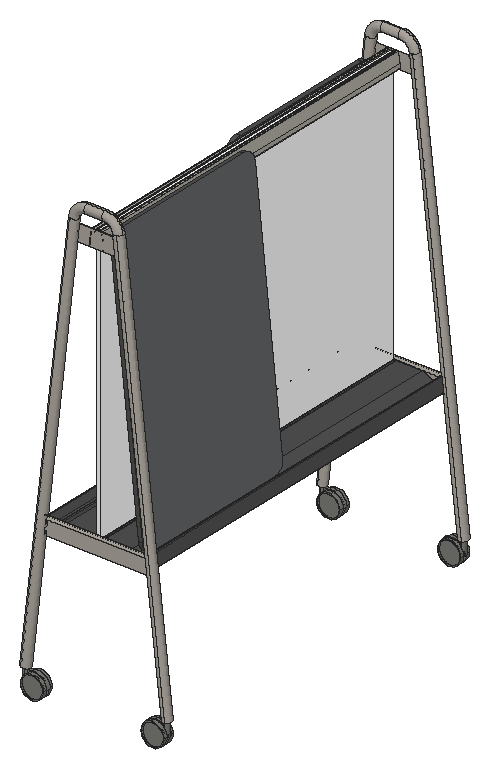
Revit family "Work_Tools_&_Leg_Screens-Teknion-CQCWB_Routes_Work_Board-R2022", category Furniture, Revit 2022
Family settings
  OmniClass Number = 23.40.20.00
  OmniClass Title = General Furniture and Specialties
  Work Plane-Based = No
  Always vertical = Yes
  Cut with Voids When Loaded = No
  Render Appearance Source = Family Geometry
  Shared = Yes
  Room Calculation Point = No
Parameters (values of type "Two Tackboard Add Ons, 77" h x 64" w")
  Warranty = "http://www.teknion.com/ca/papers/legal-canada"
  Unit Weight URL = "http://www.teknion.com/ca/tools/assets#&asset=bee6a381-b954-425e-8283-5a2de3a804f2,f828d448-4b62-4231-9e5f-9a8991c0ed77"
  URL = "www.teknion.com"
  To render please download texture images found here [instance] = "https://assets.teknion.com/web/5e81352c1dfdb467/revit-material-swatches/"
  Tackboard Fabric [instance] = Upholstery_Fabric-Teknion-ZK54-Re_Wool_2-Grade_8-0797
  Sustainability Data = "https://www.teknion.com/ca/tools/assets#&topic=216f99a5-57a0-44fc-b10a-9dee9b29ae4c&asset=444deb64-fe58-4b68-981e-f75e97781df7,b4ff2d81-9f2e-437d-9659-7cffb09c31cf"
  Series = "Routes"  # constant formula
  Right Whiteboard Add On Board = no
  Right Tackboard Add On Board = yes
  Product Page URL = "https://www.teknion.com/ca/products/all-products"
  Product Line = "Routes"  # constant formula
  Product Documentation Link = "https://assets.teknion.com/m/72af4764f50e983c/original/Routes-Reference-Guide.pdf"
  Part Number = "CQCWB"  # constant formula
  Model = "CQCWBT7764"
  Manufacturer Phone = "416-661-3370"  # constant formula
  Manufacturer Fax = "416.661.4586"  # constant formula
  Manufacturer Contact Information = "http://www.teknion.com/ca/contactus"
  Manufacturer Address = "1150 Flint Road, Toronto, ON. M3J 2J5. Canada"  # constant formula
  Manufacturer = "Teknion"  # constant formula
  Left Whiteboard Add On = no
  Left Tackboard Add On = yes
  How To Use Teknion Materials User Guide [instance] = "https://assets.teknion.com/m/205dd0a49fa58060/original/How-to-add-a-Material-Library-and-Texture-Images-to-your-Revit-project.pdf"
  Frame Finish [instance] = Paint-Teknion-85-Y-Foundation-Clay
  For Additional Finishes please visit [instance] = "https://assets.teknion.com/m/44a8009b046e5d47/original/Teknion_Materials_Library.zip"
  Description = "Routes Work Board, Two Tackboard Add Ons, 77\" Height, 64\" Width"
  Default Elevation = 0.000"
  Assembly Code = "E2020200"
  2D Add On Board = yes
Reference planes (in)
  plane 1 "Center Front/Back": y = -0.92931
  plane 2: z = 0
  plane 3 "Center Left/Right": x = -0.32293
  plane 4 "Left": x = -12.98106
  plane 5 "Right": x = 12.3352
  plane 6 "Back": y = 31.28349
  plane 7 "Front": y = -33.14211
  plane 8 "Top": z = 77.87003
Forms (in)
  Sweep 1, solid, material "Paint-Teknion-85-Y-Foundation-Clay" <- "Frame Finish"
    path in 3D
      loop
        line (-12.24051, -31.50211, 4.29149) -> (-4.05096, -31.50211, 75.18009)
    profile origin (-8.14574, -31.50211, 39.73579) x (0.315475, 0.948234, -0.036446) y (-0.941969, 0.317573, 0.108823)
      loop
        circle (-0.72648, -0.21556) r 0.75
  Sweep 2, solid, material "Paint-Teknion-85-Y-Foundation-Clay" <- "Frame Finish"
    path origin (0, -0.92931, 0) x (1, 0, 0) y (0, 0, 1)
      loop
        arc (-4.04356, 75.12756) -> (-3.30313, 76.52782) -> (-1.82152, 77.08798) r 2.2395
        line (-1.82152, 77.08798) -> (1.17567, 77.08798)
        arc (1.17567, 77.08798) -> (2.65728, 76.52782) -> (3.39771, 75.12756) r 2.2395
    profile origin (-0.32293, -0.92931, 77.08798) x (0, 0, 1) y (0, -1, 0)
      loop
        circle (0.03405, 31.31253) r 0.75
  Sweep 3, solid, material "Paint-Teknion-85-Y-Foundation-Clay" <- "Frame Finish"
    path in 3D
      loop
        line (11.59466, -31.50211, 4.29149) -> (3.40511, -31.50211, 75.18009)
    profile origin (7.49988, -31.50211, 39.73579) x (0.315475, -0.948234, 0.036446) y (0.941969, 0.317573, 0.108823)
      loop
        circle (0.72648, -0.21556) r 0.75
  Sweep 4, solid, material "Paint-Teknion-85-Y-Foundation-Clay" <- "Frame Finish"
    path origin (-0.32293, 0, 0) x (0, 1, 0) y (0, 0, 1)
      loop
        line (-32.32681, 73.15031) -> (-32.25211, 73.15031)
    profile origin (-0.32293, -32.28946, 73.15031) x (0, 0, 1) y (1, 0, 0)
      loop
        line (1.21983, -3.06138) -> (1.21983, 3.06362) -> (-1.53017, 3.38132) -> (-1.53017, -3.37907) -> (1.21983, -3.06138)
  Sweep 5, solid, material "Paint - Teknion - Mica - Anthracite"
    path origin (-5.7779, -20.86634, 0.81648) x (0, 1, 0) y (-1, 0, 0)
      loop
        line (-11.06077, 4.73731) -> (-10.49577, 4.73731)
    profile origin (-10.51521, -31.64461, 0.81648) x (-1, 0, 0) y (0, 0, 1)
      loop
        circle (0.00391, 1.14732) r 1.96188
  Sweep 6, solid, material "Paint - Teknion - Mica - Anthracite"
    path origin (-5.79896, -22.08134, 1.64815) x (0, 1, 0) y (-1, 0, 0)
      loop
        line (-10.45577, 4.34909) -> (-9.88577, 4.34909)
    profile origin (-10.14805, -32.25211, 1.64815) x (-1, 0, 0) y (0, 0, 1)
      loop
        arc (-1.59082, 0.31879) -> (0.37106, 2.28067) -> (2.33294, 0.31879) r 1.96188
        line (2.33294, 0.31879) -> (2.45938, 0.31879)
        arc (2.45938, 0.31879) -> (2.28891, 1.14404) -> (1.80541, 1.83421) r 2.08282
        line (1.80541, 1.83421) -> (1.80541, 2.34334) -> (0.86576, 2.34334)
        arc (0.86576, 2.34334) -> (-0.9117, 1.9554) -> (-1.70625, 0.31879) r 2.08282
        line (-1.70625, 0.31879) -> (-1.59082, 0.31879)
  Sweep 7, solid, material "Paint - Teknion - Mica - Anthracite"
    path origin (-6.54021, -21.74421, 1.47507) x (-1, 0, 0) y (0, 0, 1)
      loop
        line (5.66303, 2.79995) -> (5.66303, 0.47833)
    profile origin (-12.20324, -21.74421, 3.11421) x (0, 1, 0) y (-1, 0, 0)
      loop
        circle (-10.50525, 0.00179) r 0.40398
  Sweep 8, solid, material "Paint - Teknion - Mica - Anthracite"
    path origin (-15.26033, -43.63787, 0.81648) x (0, -1, 0) y (1, 0, 0)
      loop
        line (-11.06077, 4.73731) -> (-10.49577, 4.73731)
    profile origin (-10.52302, -32.85961, 0.81648) x (1, 0, 0) y (0, 0, 1)
      loop
        circle (0.00391, 1.14732) r 1.96188
  Sweep 9, void
    path origin (-15.28785, -44.02787, 0.8191) x (0, -1, 0) y (1, 0, 0)
      loop
        line (-11.06077, 4.79585) -> (-10.88577, 4.79585)
    profile origin (-10.492, -33.05461, 0.8191) x (1, 0, 0) y (0, 0, 1)
      loop
        circle (-0.03901, 1.14732) r 1.85693
  Sweep 10, void
    path origin (-15.28785, -20.47634, 0.8191) x (0, 1, 0) y (-1, 0, 0)
      loop
        line (-11.06077, -4.79585) -> (-10.88577, -4.79585)
    profile origin (-10.492, -31.44961, 0.8191) x (-1, 0, 0) y (0, 0, 1)
      loop
        circle (0.03901, 1.14732) r 1.85693
  Sweep 11, solid, material "Paint - Teknion - Mica - Anthracite"
    path origin (5.13205, -20.86634, 0.81648) x (0, 1, 0) y (-1, 0, 0)
      loop
        line (-11.06077, -4.73731) -> (-10.49577, -4.73731)
    profile origin (9.86936, -31.64461, 0.81648) x (-1, 0, 0) y (0, 0, 1)
      loop
        circle (-0.00391, 1.14732) r 1.96188
  Sweep 12, solid, material "Paint - Teknion - Mica - Anthracite"
    path origin (5.89436, -21.74421, 1.47507) x (1, 0, 0) y (0, 0, -1)
      loop
        line (5.66303, -2.79995) -> (5.66303, -0.47833)
    profile origin (11.55738, -21.74421, 3.11421) x (0, 1, 0) y (-1, 0, 0)
      loop
        circle (-10.50525, -0.00179) r 0.40398
  Sweep 13, solid, material "Paint - Teknion - Mica - Anthracite"
    path origin (14.61448, -43.63787, 0.81648) x (0, -1, 0) y (1, 0, 0)
      loop
        line (-11.06077, -4.73731) -> (-10.49577, -4.73731)
    profile origin (9.87717, -32.85961, 0.81648) x (1, 0, 0) y (0, 0, 1)
      loop
        circle (-0.00391, 1.14732) r 1.96188
  Sweep 14, void
    path origin (14.64199, -44.02787, 0.8191) x (0, -1, 0) y (1, 0, 0)
      loop
        line (-11.06077, -4.79585) -> (-10.88577, -4.79585)
    profile origin (9.84614, -33.05461, 0.8191) x (1, 0, 0) y (0, 0, 1)
      loop
        circle (0.03901, 1.14732) r 1.85693
  Sweep 15, void
    path origin (14.64199, -20.47634, 0.8191) x (0, 1, 0) y (-1, 0, 0)
      loop
        line (-11.06077, 4.79585) -> (-10.88577, 4.79585)
    profile origin (9.84614, -31.44961, 0.8191) x (-1, 0, 0) y (0, 0, 1)
      loop
        circle (-0.03901, 1.14732) r 1.85693
  Sweep 16, solid, material "Paint-Teknion-85-Y-Foundation-Clay" <- "Frame Finish"
    path in 3D
      loop
        line (-12.24051, 31.14349, 4.29149) -> (-4.05096, 31.14349, 75.18009)
    profile origin (-8.14574, 31.14349, 39.73579) x (0.315475, 0.948234, -0.036446) y (-0.941969, 0.317573, 0.108823)
      loop
        circle (-0.72648, -0.21556) r 0.75
  Sweep 17, solid, material "Paint-Teknion-85-Y-Foundation-Clay" <- "Frame Finish"
    path origin (0, 61.71629, 0) x (1, 0, 0) y (0, 0, 1)
      loop
        arc (-4.04356, 75.12756) -> (-3.30313, 76.52782) -> (-1.82152, 77.08798) r 2.2395
        line (-1.82152, 77.08798) -> (1.17567, 77.08798)
        arc (1.17567, 77.08798) -> (2.65728, 76.52782) -> (3.39771, 75.12756) r 2.2395
    profile origin (-0.32293, 61.71629, 77.08798) x (0, 0, 1) y (0, -1, 0)
      loop
        circle (0.03405, 31.31253) r 0.75
  Sweep 18, solid, material "Paint-Teknion-85-Y-Foundation-Clay" <- "Frame Finish"
    path in 3D
      loop
        line (11.59466, 31.14349, 4.29149) -> (3.40511, 31.14349, 75.18009)
    profile origin (7.49988, 31.14349, 39.73579) x (0.315475, -0.948234, 0.036446) y (0.941969, 0.317573, 0.108823)
      loop
        circle (0.72648, -0.21556) r 0.75
  Sweep 19, solid, material "Paint-Teknion-85-Y-Foundation-Clay" <- "Frame Finish"
    path origin (-0.32293, 62.6456, 0) x (0, 1, 0) y (0, 0, 1)
      loop
        line (-32.32681, 73.15031) -> (-32.25211, 73.15031)
    profile origin (-0.32293, 30.35614, 73.15031) x (0, 0, 1) y (1, 0, 0)
      loop
        line (1.21983, -3.06138) -> (1.21983, 3.06362) -> (-1.53017, 3.38132) -> (-1.53017, -3.37907) -> (1.21983, -3.06138)
  Sweep 20, solid, material "Paint - Teknion - Mica - Anthracite"
    path origin (5.1531, -22.08134, 1.64815) x (0, 1, 0) y (-1, 0, 0)
      loop
        line (-10.45577, -4.34909) -> (-9.88577, -4.34909)
    profile origin (9.50219, -32.25211, 1.64815) x (-1, 0, 0) y (0, 0, 1)
      loop
        line (1.59082, 0.31879) -> (1.70625, 0.31879)
        arc (1.70625, 0.31879) -> (0.9117, 1.9554) -> (-0.86576, 2.34334) r 2.08282
        line (-0.86576, 2.34334) -> (-1.80541, 2.34334) -> (-1.80541, 1.83421)
        arc (-1.80541, 1.83421) -> (-2.28891, 1.14404) -> (-2.45938, 0.31879) r 2.08282
        line (-2.45938, 0.31879) -> (-2.33294, 0.31879)
        arc (-2.33294, 0.31879) -> (-0.37106, 2.28067) -> (1.59082, 0.31879) r 1.96188
  Sweep 21, solid, material "Paint - Teknion - Mica - Anthracite"
    path origin (-5.7779, 41.77926, 0.81648) x (0, 1, 0) y (-1, 0, 0)
      loop
        line (-11.06077, 4.73731) -> (-10.49577, 4.73731)
    profile origin (-10.51521, 31.00099, 0.81648) x (-1, 0, 0) y (0, 0, 1)
      loop
        circle (0.00391, 1.14732) r 1.96188
  Sweep 22, solid, material "Paint - Teknion - Mica - Anthracite"
    path origin (-5.79896, 40.56426, 1.64815) x (0, 1, 0) y (-1, 0, 0)
      loop
        line (-10.45577, 4.34909) -> (-9.88577, 4.34909)
    profile origin (-10.14805, 30.39349, 1.64815) x (-1, 0, 0) y (0, 0, 1)
      loop
        arc (-1.59082, 0.31879) -> (0.37106, 2.28067) -> (2.33294, 0.31879) r 1.96188
        line (2.33294, 0.31879) -> (2.45938, 0.31879)
        arc (2.45938, 0.31879) -> (2.28891, 1.14404) -> (1.80541, 1.83421) r 2.08282
        line (1.80541, 1.83421) -> (1.80541, 2.34334) -> (0.86576, 2.34334)
        arc (0.86576, 2.34334) -> (-0.9117, 1.9554) -> (-1.70625, 0.31879) r 2.08282
        line (-1.70625, 0.31879) -> (-1.59082, 0.31879)
  Sweep 23, solid, material "Paint - Teknion - Mica - Anthracite"
    path origin (-6.54021, 40.90139, 1.47507) x (-1, 0, 0) y (0, 0, 1)
      loop
        line (5.66303, 2.79995) -> (5.66303, 0.47833)
    profile origin (-12.20324, 40.90139, 3.11421) x (0, 1, 0) y (-1, 0, 0)
      loop
        circle (-10.50525, 0.00179) r 0.40398
  Sweep 24, solid, material "Paint - Teknion - Mica - Anthracite"
    path origin (-15.26033, 19.00773, 0.81648) x (0, -1, 0) y (1, 0, 0)
      loop
        line (-11.06077, 4.73731) -> (-10.49577, 4.73731)
    profile origin (-10.52302, 29.78599, 0.81648) x (1, 0, 0) y (0, 0, 1)
      loop
        circle (0.00391, 1.14732) r 1.96188
  Sweep 25, void
    path origin (-15.28785, 18.61773, 0.8191) x (0, -1, 0) y (1, 0, 0)
      loop
        line (-11.06077, 4.79585) -> (-10.88577, 4.79585)
    profile origin (-10.492, 29.59099, 0.8191) x (1, 0, 0) y (0, 0, 1)
      loop
        circle (-0.03901, 1.14732) r 1.85693
  Sweep 26, void
    path origin (-15.28785, 42.16926, 0.8191) x (0, 1, 0) y (-1, 0, 0)
      loop
        line (-11.06077, -4.79585) -> (-10.88577, -4.79585)
    profile origin (-10.492, 31.19599, 0.8191) x (-1, 0, 0) y (0, 0, 1)
      loop
        circle (0.03901, 1.14732) r 1.85693
  Sweep 27, solid, material "Paint - Teknion - Mica - Anthracite"
    path origin (5.13205, 41.77926, 0.81648) x (0, 1, 0) y (-1, 0, 0)
      loop
        line (-11.06077, -4.73731) -> (-10.49577, -4.73731)
    profile origin (9.86936, 31.00099, 0.81648) x (-1, 0, 0) y (0, 0, 1)
      loop
        circle (-0.00391, 1.14732) r 1.96188
  Sweep 28, solid, material "Paint - Teknion - Mica - Anthracite"
    path origin (5.89436, 40.90139, 1.47507) x (1, 0, 0) y (0, 0, -1)
      loop
        line (5.66303, -2.79995) -> (5.66303, -0.47833)
    profile origin (11.55738, 40.90139, 3.11421) x (0, 1, 0) y (-1, 0, 0)
      loop
        circle (-10.50525, -0.00179) r 0.40398
  Sweep 29, solid, material "Paint - Teknion - Mica - Anthracite"
    path origin (14.61448, 19.00773, 0.81648) x (0, -1, 0) y (1, 0, 0)
      loop
        line (-11.06077, -4.73731) -> (-10.49577, -4.73731)
    profile origin (9.87717, 29.78599, 0.81648) x (1, 0, 0) y (0, 0, 1)
      loop
        circle (-0.00391, 1.14732) r 1.96188
  Sweep 30, void
    path origin (14.64199, 18.61773, 0.8191) x (0, -1, 0) y (1, 0, 0)
      loop
        line (-11.06077, -4.79585) -> (-10.88577, -4.79585)
    profile origin (9.84614, 29.59099, 0.8191) x (1, 0, 0) y (0, 0, 1)
      loop
        circle (0.03901, 1.14732) r 1.85693
  Sweep 31, void
    path origin (14.64199, 42.16926, 0.8191) x (0, 1, 0) y (-1, 0, 0)
      loop
        line (-11.06077, 4.79585) -> (-10.88577, 4.79585)
    profile origin (9.84614, 31.19599, 0.8191) x (-1, 0, 0) y (0, 0, 1)
      loop
        circle (-0.03901, 1.14732) r 1.85693
  Sweep 32, solid, material "Paint - Teknion - Mica - Anthracite"
    path origin (5.1531, 40.56426, 1.64815) x (0, 1, 0) y (-1, 0, 0)
      loop
        line (-10.45577, -4.34909) -> (-9.88577, -4.34909)
    profile origin (9.50219, 30.39349, 1.64815) x (-1, 0, 0) y (0, 0, 1)
      loop
        line (1.59082, 0.31879) -> (1.70625, 0.31879)
        arc (1.70625, 0.31879) -> (0.9117, 1.9554) -> (-0.86576, 2.34334) r 2.08282
        line (-0.86576, 2.34334) -> (-1.80541, 2.34334) -> (-1.80541, 1.83421)
        arc (-1.80541, 1.83421) -> (-2.28891, 1.14404) -> (-2.45938, 0.31879) r 2.08282
        line (-2.45938, 0.31879) -> (-2.33294, 0.31879)
        arc (-2.33294, 0.31879) -> (-0.37106, 2.28067) -> (1.59082, 0.31879) r 1.96188
  Sweep 33, solid, material "Paint - Teknion - Foundation - Ebony"
    path origin (0, 0, 0) x (1, 0, 0) y (0, 1, 0)
      loop
        line (-0.32293, 29.89349) -> (-0.32293, -31.75211)
    profile origin (-0.32293, -0.92931, 0) x (1, 0, 0) y (0, 0, 1)
      loop
        arc (8.69542, 27.95601) -> (8.56829, 28.08765) -> (8.41061, 27.99477) r 0.1478
        line (8.41061, 27.99477) -> (7.96938, 26.86014)
        arc (7.96938, 26.86014) -> (7.73111, 26.62732) -> (7.399, 26.65339) r 0.403
        line (7.399, 26.65339) -> (5.45612, 27.72604) -> (0.42612, 27.72604) -> (0.42612, 26.75604)
        arc (0.42612, 26.75604) -> (0.41734, 26.73482) -> (0.39612, 26.72604) r 0.03
        line (0.39612, 26.72604) -> (-0.39388, 26.72604)
        arc (-0.39388, 26.72604) -> (-0.41509, 26.73482) -> (-0.42388, 26.75604) r 0.03
        line (-0.42388, 26.75604) -> (-0.42388, 27.72604) -> (-5.45388, 27.72604) -> (-7.39675, 26.65339)
        arc (-7.39675, 26.65339) -> (-7.72886, 26.62732) -> (-7.96713, 26.86014) r 0.403
        line (-7.96713, 26.86014) -> (-8.40836, 27.99477)
        arc (-8.40836, 27.99477) -> (-8.56604, 28.08765) -> (-8.69317, 27.95601) r 0.1478
        line (-8.69317, 27.95601) -> (-8.92367, 25.66689)
        arc (-8.92367, 25.66689) -> (-8.87914, 25.61238) -> (-8.82464, 25.65691) r 0.04977
        line (-8.82464, 25.65691) -> (-8.77953, 26.10488) -> (-8.831, 26.11006) -> (-8.64561, 27.95122)
        arc (-8.64561, 27.95122) -> (-8.5596, 28.04029) -> (-8.45291, 27.97745) r 0.1
        line (-8.45291, 27.97745) -> (-8.01168, 26.84281)
        arc (-8.01168, 26.84281) -> (-7.74515, 26.58238) -> (-7.37364, 26.61155) r 0.4508
        line (-7.37364, 26.61155) -> (-5.44156, 27.67824) -> (-0.92388, 27.67824) -> (-0.92388, 27.60354) -> (-0.52858, 27.60354)
        arc (-0.52858, 27.60354) -> (-0.50736, 27.59475) -> (-0.49858, 27.57354) r 0.03
        line (-0.49858, 27.57354) -> (-0.49858, 26.75604)
        arc (-0.49858, 26.75604) -> (-0.46791, 26.682) -> (-0.39388, 26.65134) r 0.1047
        line (-0.39388, 26.65134) -> (0.39612, 26.65134)
        arc (0.39612, 26.65134) -> (0.47016, 26.682) -> (0.50082, 26.75604) r 0.1047
        line (0.50082, 26.75604) -> (0.50082, 27.57354)
        arc (0.50082, 27.57354) -> (0.50961, 27.59475) -> (0.53082, 27.60354) r 0.03
        line (0.53082, 27.60354) -> (0.92612, 27.60354) -> (0.92612, 27.67824) -> (5.44381, 27.67824) -> (7.37589, 26.61155)
        arc (7.37589, 26.61155) -> (7.74739, 26.58238) -> (8.01393, 26.84281) r 0.4508
        line (8.01393, 26.84281) -> (8.45516, 27.97745)
        arc (8.45516, 27.97745) -> (8.56185, 28.04029) -> (8.64786, 27.95122) r 0.1
        line (8.64786, 27.95122) -> (8.83325, 26.11006) -> (8.78178, 26.10488) -> (8.82689, 25.65691)
        arc (8.82689, 25.65691) -> (8.88139, 25.61238) -> (8.92592, 25.66689) r 0.04977
        line (8.92592, 25.66689) -> (8.69542, 27.95601)
  Sweep 34, solid, material "Paint-Teknion-85-Y-Foundation-Clay" <- "Frame Finish"
    path origin (0, 0, 0) x (1, 0, 0) y (0, 1, 0)
      loop
        line (-9.31799, 30.56879) -> (8.68201, 30.56879)
    profile origin (-0.31799, 30.56879, 0) x (0, 1, 0) y (0, 0, 1)
      loop
        arc (0.0747, 27.73009) -> (-0.3003, 28.10509) -> (-0.6753, 27.73009) r 0.375
        line (-0.6753, 27.73009) -> (-0.6753, 25.35509) -> (-0.6006, 25.35509) -> (-0.6006, 27.73009)
        arc (-0.6006, 27.73009) -> (-0.3003, 28.03039) -> (0, 27.73009) r 0.3003
        line (0, 27.73009) -> (0, 25.35509) -> (0.0747, 25.35509) -> (0.0747, 27.73009)
  Sweep 35, solid, material "Paint-Teknion-85-Y-Foundation-Clay" <- "Frame Finish"
    path origin (0, -62.3956, 0) x (1, 0, 0) y (0, 1, 0)
      loop
        line (-9.32562, 30.56879) -> (8.67438, 30.56879)
    profile origin (-0.32562, -31.82681, 0) x (0, 1, 0) y (0, 0, 1)
      loop
        arc (0.0747, 27.73009) -> (-0.3003, 28.10509) -> (-0.6753, 27.73009) r 0.375
        line (-0.6753, 27.73009) -> (-0.6753, 25.35509) -> (-0.6006, 25.35509) -> (-0.6006, 27.73009)
        arc (-0.6006, 27.73009) -> (-0.3003, 28.03039) -> (0, 27.73009) r 0.3003
        line (0, 27.73009) -> (0, 25.35509) -> (0.0747, 25.35509) -> (0.0747, 27.73009)
  Sweep 36, solid, material "Metal-Teknion-WZ-Whiteboard"
    path origin (-0.64585, 0, 0) x (-1, 0, 0) y (0, 1, 0)
      loop
        line (-0.68055, -0.92931) -> (0.0347, -0.92931)
    profile origin (-0.32293, -0.92931, 0) x (0, -1, 0) y (0, 0, 1)
      loop
        line (30.77747, 74.23244) -> (-30.9029, 74.23244) -> (-30.9029, 26.76541) -> (30.77747, 26.76541) -> (30.77747, 74.23244)
  Sweep 37, solid, material "Paint-Teknion-85-Y-Foundation-Clay" <- "Frame Finish"
    path origin (0, 0, 0) x (1, 0, 0) y (0, 1, 0)
      loop
        line (-0.32293, 30.31879) -> (-0.32293, -32.25211)
    profile origin (-0.32293, -0.96666, 0) x (1, 0, 0) y (0, 0, 1)
      loop
        line (-0.92919, 74.24209) -> (-1.14568, 72.51024) -> (-1.14568, 71.76304)
        arc (-1.14568, 71.76304) -> (-1.12289, 71.70803) -> (-1.06788, 71.68524) r 0.0778
        line (-1.06788, 71.68524) -> (-0.35788, 71.68524) -> (-0.35788, 71.73304) -> (-1.06788, 71.73304)
        arc (-1.06788, 71.73304) -> (-1.08909, 71.74183) -> (-1.09788, 71.76304) r 0.03
        line (-1.09788, 71.76304) -> (-1.09788, 72.50727) -> (-0.88176, 74.23616)
        arc (-0.88176, 74.23616) -> (-0.87185, 74.25493) -> (-0.852, 74.26244) r 0.03
        line (-0.852, 74.26244) -> (-0.37348, 74.26244)
        arc (-0.37348, 74.26244) -> (-0.35226, 74.25366) -> (-0.34348, 74.23244) r 0.03
        line (-0.34348, 74.23244) -> (-0.34348, 74.02774)
        arc (-0.34348, 74.02774) -> (-0.32069, 73.97273) -> (-0.26568, 73.94994) r 0.0778
        line (-0.26568, 73.94994) -> (0.26792, 73.94994)
        arc (0.26792, 73.94994) -> (0.32294, 73.97273) -> (0.34572, 74.02774) r 0.0778
        line (0.34572, 74.02774) -> (0.34572, 74.23244)
        arc (0.34572, 74.23244) -> (0.35451, 74.25366) -> (0.37572, 74.26244) r 0.03
        line (0.37572, 74.26244) -> (0.85424, 74.26244)
        arc (0.85424, 74.26244) -> (0.87565, 74.25358) -> (0.88451, 74.23218) r 0.03027
        line (0.88451, 74.23218) -> (1.10012, 72.50727) -> (1.10012, 71.76304)
        arc (1.10012, 71.76304) -> (1.09134, 71.74183) -> (1.07012, 71.73304) r 0.03
        line (1.07012, 71.73304) -> (0.36012, 71.73304) -> (0.36012, 71.68524) -> (1.07012, 71.68524)
        arc (1.07012, 71.68524) -> (1.12514, 71.70803) -> (1.14792, 71.76304) r 0.0778
        line (1.14792, 71.76304) -> (1.14792, 72.51024) -> (0.93144, 74.24209)
        arc (0.93144, 74.24209) -> (0.90573, 74.29077) -> (0.85424, 74.31024) r 0.0778
        line (0.85424, 74.31024) -> (0.37572, 74.31024)
        arc (0.37572, 74.31024) -> (0.32071, 74.28746) -> (0.29792, 74.23244) r 0.0778
        line (0.29792, 74.23244) -> (0.29792, 74.02774)
        arc (0.29792, 74.02774) -> (0.28914, 74.00653) -> (0.26792, 73.99774) r 0.03
        line (0.26792, 73.99774) -> (-0.26568, 73.99774)
        arc (-0.26568, 73.99774) -> (-0.28689, 74.00653) -> (-0.29568, 74.02774) r 0.03
        line (-0.29568, 74.02774) -> (-0.29568, 74.23244)
        arc (-0.29568, 74.23244) -> (-0.31846, 74.28746) -> (-0.37348, 74.31024) r 0.0778
        line (-0.37348, 74.31024) -> (-0.852, 74.31024)
        arc (-0.852, 74.31024) -> (-0.90348, 74.29077) -> (-0.92919, 74.24209) r 0.0778
  Sweep 38, solid, material "Upholstery_Fabric-Teknion-ZK54-Re_Wool_2-Grade_8-0797" <- "Tackboard Fabric", visible <- "Left Tackboard Add On"
    path origin (-0.33229, -0.92931, -0.14177) x (-1, 0, 0) y (0, 0, 1)
      loop
        line (6.35613, 27.01658) -> (7.06504, 27.09286)
    profile origin (-7.04288, -0.92931, 26.91295) x (-0.106981, 0, -0.994261) y (0, -1, 0)
      loop
        line (-45.5, -28.27862) -> (-2, -28.27862)
        arc (-2, -28.27862) -> (-0.58579, -27.69284) -> (0, -26.27862) r 2
        line (0, -26.27862) -> (0, -0.77862)
        arc (0, -0.77862) -> (-0.58579, 0.63559) -> (-2, 1.22138) r 2
        line (-2, 1.22138) -> (-45.5, 1.22138)
        arc (-45.5, 1.22138) -> (-46.91421, 0.63559) -> (-47.5, -0.77862) r 2
        line (-47.5, -0.77862) -> (-47.5, -26.27862)
        arc (-47.5, -26.27862) -> (-46.91421, -27.69284) -> (-45.5, -28.27862) r 2
  Sweep 39, solid, material "Metal-Teknion-WZ-Whiteboard", visible <- "Right Whiteboard Add On Board"
    path origin (-0.31131, -0.92931, -0.14177) x (1, 0, 0) y (0, 0, 1)
      loop
        line (6.35613, 27.01658) -> (7.06504, 27.09286)
    profile origin (6.39927, -0.92931, 26.91295) x (-0.106981, 0, 0.994261) y (0, -1, 0)
      loop
        arc (45.5, 0.68181) -> (46.91421, 1.26759) -> (47.5, 2.68181) r 2
        line (47.5, 2.68181) -> (47.5, 28.18181)
        arc (47.5, 28.18181) -> (46.91421, 29.59602) -> (45.5, 30.18181) r 2
        line (45.5, 30.18181) -> (2, 30.18181)
        arc (2, 30.18181) -> (0.58579, 29.59602) -> (0, 28.18181) r 2
        line (0, 28.18181) -> (0, 2.68181)
        arc (0, 2.68181) -> (0.58579, 1.26759) -> (2, 0.68181) r 2
        line (2, 0.68181) -> (45.5, 0.68181)
  Sweep 40, solid, material "Upholstery_Fabric-Teknion-ZK54-Re_Wool_2-Grade_8-0797" <- "Tackboard Fabric", visible <- "Right Tackboard Add On Board"
    path origin (-0.31131, -0.92931, -0.14177) x (1, 0, 0) y (0, 0, 1)
      loop
        line (6.35613, 27.01658) -> (7.06504, 27.09286)
    profile origin (6.39927, -0.92931, 26.91295) x (-0.106981, 0, 0.994261) y (0, -1, 0)
      loop
        arc (45.5, 0.68181) -> (46.91421, 1.26759) -> (47.5, 2.68181) r 2
        line (47.5, 2.68181) -> (47.5, 28.18181)
        arc (47.5, 28.18181) -> (46.91421, 29.59602) -> (45.5, 30.18181) r 2
        line (45.5, 30.18181) -> (2, 30.18181)
        arc (2, 30.18181) -> (0.58579, 29.59602) -> (0, 28.18181) r 2
        line (0, 28.18181) -> (0, 2.68181)
        arc (0, 2.68181) -> (0.58579, 1.26759) -> (2, 0.68181) r 2
        line (2, 0.68181) -> (45.5, 0.68181)
  Sweep 41, solid, material "Metal-Teknion-WZ-Whiteboard", visible <- "Left Whiteboard Add On"
    path origin (-0.33229, -0.92931, -0.14177) x (-1, 0, 0) y (0, 0, 1)
      loop
        line (6.35613, 27.01658) -> (7.06504, 27.09286)
    profile origin (-7.04288, -0.92931, 26.91295) x (-0.106981, 0, -0.994261) y (0, -1, 0)
      loop
        line (-45.5, -28.27862) -> (-2, -28.27862)
        arc (-2, -28.27862) -> (-0.58579, -27.69284) -> (0, -26.27862) r 2
        line (0, -26.27862) -> (0, -0.77862)
        arc (0, -0.77862) -> (-0.58579, 0.63559) -> (-2, 1.22138) r 2
        line (-2, 1.22138) -> (-45.5, 1.22138)
        arc (-45.5, 1.22138) -> (-46.91421, 0.63559) -> (-47.5, -0.77862) r 2
        line (-47.5, -0.77862) -> (-47.5, -26.27862)
        arc (-47.5, -26.27862) -> (-46.91421, -27.69284) -> (-45.5, -28.27862) r 2
Cuts and joins
  Sweep 9, Sweep 10, Sweep 15, Sweep 26 cuts Sweep 5
  Sweep 9 cuts Sweep 7
  Sweep 9, Sweep 10, Sweep 14, Sweep 25 cuts Sweep 8
  Sweep 14, Sweep 30 cuts Sweep 13
  Sweep 15, Sweep 31 cuts Sweep 11
  Sweep 25 cuts Sweep 24
  Sweep 26 cuts Sweep 21
  Sweep 30 cuts Sweep 29
  Sweep 31 cuts Sweep 27
Lines and regions (in)
  Masking region 1
    outline origin (0, 0, 0) x (1, 0, 0) y (0, 1, 0)
      loop
        line (-12.3164, 29.63784) -> (11.67055, 29.63784)
        spline (11.67055, 29.63784) -> (11.85733, 29.67497) -> (12.02866, 29.75853) -> (12.17336, 29.88307) -> (12.28198, 30.04047) -> (12.34742, 30.22044) -> (12.36543, 30.41123) -> (12.33481, 30.60038) -> (12.25757, 30.77554) -> (12.13875, 30.92528) -> (11.98611, 31.03982) -> (11.80962, 31.11168) -> (11.6208, 31.13617)
        line (11.6208, 31.13617) -> (-12.26665, 31.13617)
        spline (-12.26665, 31.13617) -> (-12.45547, 31.11168) -> (-12.63196, 31.03982) -> (-12.7846, 30.92528) -> (-12.90342, 30.77554) -> (-12.98066, 30.60038) -> (-13.01128, 30.41123) -> (-12.99328, 30.22044) -> (-12.92783, 30.04047) -> (-12.81921, 29.88307) -> (-12.67451, 29.75853) -> (-12.50318, 29.67497) -> (-12.3164, 29.63784)
  Masking region 2
    outline origin (0, 0, 0) x (1, 0, 0) y (0, 1, 0)
      loop
        line (-8.55724, 31.28349) -> (-12.48099, 31.28349) -> (-12.48099, 31.10409)
        arc (-12.48099, 31.10409) -> (-12.38889, 31.12601) -> (-12.29477, 31.13617) r 0.75079
        line (-12.29477, 31.13617) -> (-8.55724, 31.13617) -> (-8.55724, 31.28349)
      loop
        line (-9.24664, 29.50349) -> (-9.24664, 29.63784) -> (-12.29477, 29.63784)
        arc (-12.29477, 29.63784) -> (-12.38889, 29.648) -> (-12.48099, 29.66992) r 0.75079
        line (-12.48099, 29.66992) -> (-12.48099, 29.50349) -> (-9.24664, 29.50349)
  Masking region 3
    outline origin (-0.64585, 0, 0) x (0, 1, 0) y (-1, 0, 0)
      loop
        line (31.28349, -8.55724) -> (31.13617, -8.55724) -> (31.13617, -12.29477)
        arc (31.13617, -12.29477) -> (31.12601, -12.38889) -> (31.10409, -12.48099) r 0.75079
        line (31.10409, -12.48099) -> (31.28349, -12.48099) -> (31.28349, -8.55724)
      loop
        line (29.50349, -9.24664) -> (29.50349, -12.48099) -> (29.66992, -12.48099)
        arc (29.66992, -12.48099) -> (29.648, -12.38889) -> (29.63784, -12.29477) r 0.75079
        line (29.63784, -12.29477) -> (29.63784, -9.24664) -> (29.50349, -9.24664)
  Masking region 4
    outline origin (0, 0, 0) x (1, 0, 0) y (0, 1, 0)
      loop
        line (-9.24664, 29.63784) -> (-9.24664, -31.50945) -> (8.60349, -31.50945) -> (8.60349, 29.63784) -> (-9.24664, 29.63784)
  Masking region 5, visible <- "2D Add On Board"
    outline origin (0, 0, 0) x (1, 0, 0) y (0, 1, 0)
      loop
        line (-1.8208, 27.34932) -> (-7.18337, 27.34932)
        spline (-7.18337, 27.34932) -> (-7.2113, 27.33221) -> (-7.23875, 27.28117) -> (-7.26525, 27.19708) -> (-7.29035, 27.08137) -> (-7.31362, 26.93602) -> (-7.33466, 26.76353) -> (-7.35312, 26.56684) -> (-7.36866, 26.34932) -> (-7.38104, 26.11468) -> (-7.39004, 25.86696) -> (-7.3955, 25.61037) -> (-7.39733, 25.34932)
        line (-7.39733, 25.34932) -> (-7.39733, -0.15068)
        spline (-7.39733, -0.15068) -> (-7.3955, -0.41173) -> (-7.39004, -0.66832) -> (-7.38104, -0.91605) -> (-7.36866, -1.15068) -> (-7.35312, -1.36821) -> (-7.33466, -1.5649) -> (-7.31362, -1.73739) -> (-7.29035, -1.88273) -> (-7.26525, -1.99844) -> (-7.23875, -2.08253) -> (-7.2113, -2.13357) -> (-7.18337, -2.15068)
        line (-7.18337, -2.15068) -> (-1.8208, -2.15068)
        spline (-1.8208, -2.15068) -> (-1.79287, -2.13357) -> (-1.76542, -2.08253) -> (-1.73892, -1.99844) -> (-1.71382, -1.88273) -> (-1.69055, -1.73739) -> (-1.6695, -1.5649) -> (-1.65105, -1.36821) -> (-1.6355, -1.15068) -> (-1.62312, -0.91605) -> (-1.61413, -0.66832) -> (-1.60867, -0.41173) -> (-1.60684, -0.15068)
        line (-1.60684, -0.15068) -> (-1.60684, 25.34932)
        spline (-1.60684, 25.34932) -> (-1.60867, 25.61037) -> (-1.61413, 25.86696) -> (-1.62312, 26.11468) -> (-1.6355, 26.34932) -> (-1.65105, 26.56684) -> (-1.6695, 26.76353) -> (-1.69055, 26.93602) -> (-1.71382, 27.08137) -> (-1.73892, 27.19708) -> (-1.76542, 27.28117) -> (-1.79287, 27.33221) -> (-1.8208, 27.34932)
  Masking region 6, visible <- "2D Add On Board"
    outline origin (0, 0, 0) x (1, 0, 0) y (0, 1, 0)
      loop
        line (6.53977, -1.61111) -> (1.1772, -1.61111)
        spline (1.1772, -1.61111) -> (1.14927, -1.62822) -> (1.12182, -1.67926) -> (1.09532, -1.76335) -> (1.07021, -1.87906) -> (1.04694, -2.02441) -> (1.0259, -2.1969) -> (1.00745, -2.39359) -> (0.9919, -2.61111) -> (0.97952, -2.84575) -> (0.97052, -3.09347) -> (0.96506, -3.35006) -> (0.96323, -3.61111)
        line (0.96323, -3.61111) -> (0.96323, -29.11111)
        spline (0.96323, -29.11111) -> (0.96506, -29.37216) -> (0.97052, -29.62875) -> (0.97952, -29.87648) -> (0.9919, -30.11111) -> (1.00745, -30.32864) -> (1.0259, -30.52533) -> (1.04694, -30.69782) -> (1.07021, -30.84316) -> (1.09532, -30.95887) -> (1.12182, -31.04296) -> (1.14927, -31.094) -> (1.1772, -31.11111)
        line (1.1772, -31.11111) -> (6.53977, -31.11111)
        spline (6.53977, -31.11111) -> (6.56769, -31.094) -> (6.59514, -31.04296) -> (6.62164, -30.95887) -> (6.64675, -30.84316) -> (6.67002, -30.69782) -> (6.69106, -30.52533) -> (6.70951, -30.32864) -> (6.72506, -30.11111) -> (6.73744, -29.87648) -> (6.74644, -29.62875) -> (6.7519, -29.37216) -> (6.75373, -29.11111)
        line (6.75373, -29.11111) -> (6.75373, -3.61111)
        spline (6.75373, -3.61111) -> (6.7519, -3.35006) -> (6.74644, -3.09347) -> (6.73744, -2.84575) -> (6.72506, -2.61111) -> (6.70951, -2.39359) -> (6.69106, -2.1969) -> (6.67002, -2.02441) -> (6.64675, -1.87906) -> (6.62164, -1.76335) -> (6.59514, -1.67926) -> (6.56769, -1.62822) -> (6.53977, -1.61111)
  Masking region 7
    outline origin (0, -1.85861, 0) x (0, -1, 0) y (1, 0, 0)
      loop
        spline (29.63784, -12.3164) -> (29.67497, -12.50318) -> (29.75853, -12.67451) -> (29.88307, -12.81921) -> (30.04047, -12.92783) -> (30.22044, -12.99328) -> (30.41123, -13.01128) -> (30.60038, -12.98066) -> (30.77554, -12.90342) -> (30.92528, -12.7846) -> (31.03982, -12.63196) -> (31.11168, -12.45547) -> (31.13617, -12.26665)
        line (31.13617, -12.26665) -> (31.13617, 11.6208)
        spline (31.13617, 11.6208) -> (31.11168, 11.80962) -> (31.03982, 11.98611) -> (30.92528, 12.13875) -> (30.77554, 12.25757) -> (30.60038, 12.33481) -> (30.41123, 12.36543) -> (30.22044, 12.34742) -> (30.04047, 12.28198) -> (29.88307, 12.17336) -> (29.75853, 12.02866) -> (29.67497, 11.85733) -> (29.63784, 11.67055)
        line (29.63784, 11.67055) -> (29.63784, -12.3164)
  Masking region 8
    outline origin (0, -1.85861, 0) x (0, -1, 0) y (1, 0, 0)
      loop
        line (31.28349, -8.55724) -> (31.13617, -8.55724) -> (31.13617, -12.29477)
        arc (31.13617, -12.29477) -> (31.12601, -12.38889) -> (31.10409, -12.48099) r 0.75079
        line (31.10409, -12.48099) -> (31.28349, -12.48099) -> (31.28349, -8.55724)
      loop
        line (29.50349, -9.24664) -> (29.50349, -12.48099) -> (29.66992, -12.48099)
        arc (29.66992, -12.48099) -> (29.648, -12.38889) -> (29.63784, -12.29477) r 0.75079
        line (29.63784, -12.29477) -> (29.63784, -9.24664) -> (29.50349, -9.24664)
  Masking region 9
    outline origin (-0.64585, -1.85861, 0) x (-1, 0, 0) y (0, -1, 0)
      loop
        line (-8.55724, 31.28349) -> (-12.48099, 31.28349) -> (-12.48099, 31.10409)
        arc (-12.48099, 31.10409) -> (-12.38889, 31.12601) -> (-12.29477, 31.13617) r 0.75079
        line (-12.29477, 31.13617) -> (-8.55724, 31.13617) -> (-8.55724, 31.28349)
      loop
        line (-9.24664, 29.50349) -> (-9.24664, 29.63784) -> (-12.29477, 29.63784)
        arc (-12.29477, 29.63784) -> (-12.38889, 29.648) -> (-12.48099, 29.66992) r 0.75079
        line (-12.48099, 29.66992) -> (-12.48099, 29.50349) -> (-9.24664, 29.50349)
  sketch lines
    curve 1: line (-12.24051, -31.50211, 4.29149) -> (-4.05096, -31.50211, 75.18009)
    curve 2: line (11.59466, -31.50211, 4.29149) -> (3.40511, -31.50211, 75.18009)
    curve 3: line (-12.24051, 31.14349, 4.29149) -> (-4.05096, 31.14349, 75.18009)
    curve 4: line (11.59466, 31.14349, 4.29149) -> (3.40511, 31.14349, 75.18009)
  symbolic lines
    curve 5: arc (-4.08577, 29.65411, 0) -> (-4.83577, 30.40411, 0) -> (-4.08577, 31.15411, 0) r 0.75
    curve 6: arc (3.43992, 29.65411, 0) -> (4.18992, 30.40411, 0) -> (3.43992, 31.15411, 0) r 0.75
    curve 7: line (-5.76448, -31.49197, 0) -> (-5.76448, 29.63784, 0)
    curve 8: line (5.12088, -31.49719, 0) -> (5.12088, 29.63784, 0)
    curve 9: line (0.825, -31.49427, 0) -> (0.825, 29.63784, 0)
    curve 10: line (-1.4686, -31.49427, 0) -> (-1.4686, 29.63784, 0)
    curve 11: line (-0.61935, 29.63784, 0) -> (-0.61935, -31.49427, 0)
    curve 12: line (-0.02289, 29.63784, 0) -> (-0.02289, -31.49427, 0)
    curve 19: arc (-4.08577, -31.51272, 0) -> (-4.83577, -32.26272, 0) -> (-4.08577, -33.01272, 0) r 0.75
    curve 20: arc (3.43992, -31.51272, 0) -> (4.18992, -32.26272, 0) -> (3.43992, -33.01272, 0) r 0.75
  symbolic lines, visible <- "2D Add On Board"
    curve 13: line (-2.31575, -0.15068, 0) -> (-2.31575, 25.34932, 0)
    curve 14: spline (-2.31575, 25.34932, 0) -> (-2.31758, 25.61037, 0) -> (-2.32304, 25.86696, 0) -> (-2.33203, 26.11468, 0) -> (-2.34441, 26.34932, 0) -> (-2.35996, 26.56684, 0) -> (-2.37841, 26.76353, 0) -> (-2.39946, 26.93602, 0) -> (-2.42273, 27.08137, 0) -> (-2.44783, 27.19708, 0) -> (-2.47433, 27.28117, 0) -> (-2.50178, 27.33221, 0) -> (-2.52971, 27.34932, 0)
    curve 15: spline (-2.52971, -2.15068, 0) -> (-2.50178, -2.13357, 0) -> (-2.47433, -2.08253, 0) -> (-2.44783, -1.99844, 0) -> (-2.42273, -1.88273, 0) -> (-2.39946, -1.73739, 0) -> (-2.37841, -1.5649, 0) -> (-2.35996, -1.36821, 0) -> (-2.34441, -1.15068, 0) -> (-2.33203, -0.91605, 0) -> (-2.32304, -0.66832, 0) -> (-2.31758, -0.41173, 0) -> (-2.31575, -0.15068, 0)
    curve 16: line (1.67214, -3.61111, 0) -> (1.67214, -29.11111, 0)
    curve 17: spline (1.67214, -29.11111, 0) -> (1.67397, -29.37216, 0) -> (1.67943, -29.62875, 0) -> (1.68843, -29.87648, 0) -> (1.70081, -30.11111, 0) -> (1.71636, -30.32864, 0) -> (1.73481, -30.52533, 0) -> (1.75585, -30.69782, 0) -> (1.77912, -30.84316, 0) -> (1.80422, -30.95887, 0) -> (1.83073, -31.04296, 0) -> (1.85818, -31.094, 0) -> (1.8861, -31.11111, 0)
    curve 18: spline (1.8861, -1.61111, 0) -> (1.85818, -1.62822, 0) -> (1.83073, -1.67926, 0) -> (1.80422, -1.76335, 0) -> (1.77912, -1.87906, 0) -> (1.75585, -2.02441, 0) -> (1.73481, -2.1969, 0) -> (1.71636, -2.39359, 0) -> (1.70081, -2.61111, 0) -> (1.68843, -2.84575, 0) -> (1.67943, -3.09347, 0) -> (1.67397, -3.35006, 0) -> (1.67214, -3.61111, 0)
  symbolic lines, style "FurnitureHiddenLines", detail levels fine
    curve 21: line (-9.24664, -31.36211, 0) -> (-8.55724, -31.36211, 0)
    curve 22: line (-8.55724, -31.92711, 0) -> (-12.48099, -31.92711, 0)
    curve 23: line (-8.55724, -31.36211, 0) -> (-8.55724, -31.92711, 0)
    curve 24: line (-12.48099, -31.92711, 0) -> (-12.48099, -31.52853, 0)
    curve 25: line (-12.48099, -32.97772, 0) -> (-12.48099, -32.57711, 0)
    curve 26: line (-8.55724, -32.57711, 0) -> (-12.48099, -32.57711, 0)
    curve 27: line (-8.55724, -32.57711, 0) -> (-8.55724, -32.99478, 0)
    curve 28: line (-12.60742, -31.96711, 0) -> (-8.44179, -31.96711, 0)
    curve 29: line (-12.60742, -32.53711, 0) -> (-12.60742, -31.96711, 0)
    curve 30: line (-8.44179, -32.53711, 0) -> (-12.60742, -32.53711, 0)
    curve 31: line (-8.44179, -31.96711, 0) -> (-8.44179, -32.53711, 0)
    curve 32: line (8.60079, -31.36211, 0) -> (7.91139, -31.36211, 0)
    curve 33: line (7.91139, -31.92711, 0) -> (11.83514, -31.92711, 0)
    curve 34: line (7.91139, -31.36211, 0) -> (7.91139, -31.92711, 0)
    curve 35: line (11.83514, -31.92711, 0) -> (11.83514, -31.52853, 0)
    curve 36: line (11.83514, -32.97772, 0) -> (11.83514, -32.57711, 0)
    curve 37: line (7.91139, -32.57711, 0) -> (11.83514, -32.57711, 0)
    curve 38: line (7.91139, -32.57711, 0) -> (7.91139, -32.99478, 0)
    curve 39: line (11.96157, -31.96711, 0) -> (7.79594, -31.96711, 0)
    curve 40: line (11.96157, -32.53711, 0) -> (11.96157, -31.96711, 0)
    curve 41: line (7.79594, -32.53711, 0) -> (11.96157, -32.53711, 0)
    curve 42: line (7.79594, -31.96711, 0) -> (7.79594, -32.53711, 0)
    curve 49: line (-9.24664, 29.50349, 0) -> (-8.55724, 29.50349, 0)
    curve 50: line (-8.55724, 30.06849, 0) -> (-12.48099, 30.06849, 0)
    curve 51: line (-8.55724, 29.50349, 0) -> (-8.55724, 30.06849, 0)
    curve 52: line (-12.48099, 30.06849, 0) -> (-12.48099, 29.66992, 0)
    curve 53: line (-12.48099, 31.11911, 0) -> (-12.48099, 30.71849, 0)
    curve 54: line (-8.55724, 30.71849, 0) -> (-12.48099, 30.71849, 0)
    curve 55: line (-8.55724, 30.71849, 0) -> (-8.55724, 31.13617, 0)
    curve 56: line (-12.60742, 30.10849, 0) -> (-8.44179, 30.10849, 0)
    curve 57: line (-12.60742, 30.67849, 0) -> (-12.60742, 30.10849, 0)
    curve 58: line (-8.44179, 30.67849, 0) -> (-12.60742, 30.67849, 0)
    curve 59: line (-8.44179, 30.10849, 0) -> (-8.44179, 30.67849, 0)
    curve 60: line (8.60079, 29.50349, 0) -> (7.91139, 29.50349, 0)
    curve 61: line (7.91139, 30.06849, 0) -> (11.83514, 30.06849, 0)
    curve 62: line (7.91139, 29.50349, 0) -> (7.91139, 30.06849, 0)
    curve 63: line (11.83514, 30.06849, 0) -> (11.83514, 29.66992, 0)
    curve 64: line (11.83514, 31.11911, 0) -> (11.83514, 30.71849, 0)
    curve 65: line (7.91139, 30.71849, 0) -> (11.83514, 30.71849, 0)
    curve 66: line (7.91139, 30.71849, 0) -> (7.91139, 31.13617, 0)
    curve 67: line (11.96157, 30.10849, 0) -> (7.79594, 30.10849, 0)
    curve 68: line (11.96157, 30.67849, 0) -> (11.96157, 30.10849, 0)
    curve 69: line (7.79594, 30.67849, 0) -> (11.96157, 30.67849, 0)
    curve 70: line (7.79594, 30.10849, 0) -> (7.79594, 30.67849, 0)
  symbolic lines, style "FurnitureHiddenLines", detail levels medium+fine
    curve 43: spline (-12.03004, -31.54826, 0) -> (-11.85688, -31.63305, 0) -> (-11.71109, -31.7597, 0) -> (-11.60241, -31.91972, 0) -> (-11.53811, -32.10244, 0) -> (-11.52247, -32.29565, 0) -> (-11.55655, -32.48643, 0) -> (-11.63806, -32.66206, 0) -> (-11.76157, -32.81078, 0) -> (-11.91881, -32.92268, 0) -> (-12.09929, -32.99026, 0) -> (-12.29095, -33.00903, 0) -> (-12.48099, -32.97772, 0)
    curve 44: spline (11.83514, -32.97772, 0) -> (11.6451, -33.00903, 0) -> (11.45344, -32.99026, 0) -> (11.27296, -32.92268, 0) -> (11.11571, -32.81078, 0) -> (10.99221, -32.66206, 0) -> (10.9107, -32.48643, 0) -> (10.87662, -32.29565, 0) -> (10.89226, -32.10244, 0) -> (10.95656, -31.91972, 0) -> (11.06524, -31.7597, 0) -> (11.21103, -31.63305, 0) -> (11.38419, -31.54826, 0)
    curve 45: spline (-3.84049, -31.54826, 0) -> (-4.0314, -31.51084, 0) -> (-4.22543, -31.52445, 0) -> (-4.40935, -31.58814, 0) -> (-4.57062, -31.69757, 0) -> (-4.69826, -31.8453, 0) -> (-4.78357, -32.02125, 0) -> (-4.82074, -32.21343, 0) -> (-4.80723, -32.40875, 0) -> (-4.74396, -32.59389, 0) -> (-4.63524, -32.75624, 0) -> (-4.48849, -32.88473, 0) -> (-4.3137, -32.97061, 0)
    curve 46: spline (-4.3137, -32.97061, 0) -> (-4.12279, -33.00802, 0) -> (-3.92876, -32.99442, 0) -> (-3.74485, -32.93073, 0) -> (-3.58357, -32.82129, 0) -> (-3.45593, -32.67356, 0) -> (-3.37062, -32.49761, 0) -> (-3.33345, -32.30543, 0) -> (-3.34697, -32.11011, 0) -> (-3.41024, -31.92497, 0) -> (-3.51895, -31.76263, 0) -> (-3.6657, -31.63413, 0) -> (-3.84049, -31.54826, 0)
    curve 47: spline (3.19464, -31.54826, 0) -> (3.01985, -31.63413, 0) -> (2.8731, -31.76263, 0) -> (2.76438, -31.92497, 0) -> (2.70111, -32.11011, 0) -> (2.6876, -32.30543, 0) -> (2.72477, -32.49761, 0) -> (2.81008, -32.67356, 0) -> (2.93772, -32.82129, 0) -> (3.099, -32.93073, 0) -> (3.28291, -32.99442, 0) -> (3.47694, -33.00802, 0) -> (3.66785, -32.97061, 0)
    curve 48: spline (3.66785, -32.97061, 0) -> (3.84264, -32.88473, 0) -> (3.98939, -32.75624, 0) -> (4.0981, -32.59389, 0) -> (4.16137, -32.40875, 0) -> (4.17489, -32.21343, 0) -> (4.13772, -32.02125, 0) -> (4.05241, -31.8453, 0) -> (3.92477, -31.69757, 0) -> (3.76349, -31.58814, 0) -> (3.57958, -31.52445, 0) -> (3.38555, -31.51084, 0) -> (3.19464, -31.54826, 0)
    curve 71: spline (-12.03004, 29.68964, 0) -> (-11.85688, 29.77444, 0) -> (-11.71109, 29.90108, 0) -> (-11.60241, 30.06111, 0) -> (-11.53811, 30.24383, 0) -> (-11.52247, 30.43703, 0) -> (-11.55655, 30.62782, 0) -> (-11.63806, 30.80344, 0) -> (-11.76157, 30.95217, 0) -> (-11.91881, 31.06406, 0) -> (-12.09929, 31.13165, 0) -> (-12.29095, 31.15042, 0) -> (-12.48099, 31.11911, 0)
    curve 72: spline (11.83514, 31.11911, 0) -> (11.6451, 31.15042, 0) -> (11.45344, 31.13165, 0) -> (11.27296, 31.06406, 0) -> (11.11571, 30.95217, 0) -> (10.99221, 30.80344, 0) -> (10.9107, 30.62782, 0) -> (10.87662, 30.43703, 0) -> (10.89226, 30.24383, 0) -> (10.95656, 30.06111, 0) -> (11.06524, 29.90108, 0) -> (11.21103, 29.77444, 0) -> (11.38419, 29.68964, 0)
    curve 73: spline (-3.84049, 29.68964, 0) -> (-4.0314, 29.65223, 0) -> (-4.22543, 29.66583, 0) -> (-4.40935, 29.72952, 0) -> (-4.57062, 29.83896, 0) -> (-4.69826, 29.98669, 0) -> (-4.78357, 30.16264, 0) -> (-4.82074, 30.35482, 0) -> (-4.80723, 30.55014, 0) -> (-4.74396, 30.73528, 0) -> (-4.63524, 30.89762, 0) -> (-4.48849, 31.02612, 0) -> (-4.3137, 31.11199, 0)
    curve 74: spline (-4.3137, 31.11199, 0) -> (-4.12279, 31.14941, 0) -> (-3.92876, 31.1358, 0) -> (-3.74485, 31.07211, 0) -> (-3.58357, 30.96268, 0) -> (-3.45593, 30.81495, 0) -> (-3.37062, 30.639, 0) -> (-3.33345, 30.44682, 0) -> (-3.34697, 30.2515, 0) -> (-3.41024, 30.06636, 0) -> (-3.51895, 29.90401, 0) -> (-3.6657, 29.77552, 0) -> (-3.84049, 29.68964, 0)
    curve 75: spline (3.19464, 29.68964, 0) -> (3.01985, 29.77552, 0) -> (2.8731, 29.90401, 0) -> (2.76438, 30.06636, 0) -> (2.70111, 30.2515, 0) -> (2.6876, 30.44682, 0) -> (2.72477, 30.639, 0) -> (2.81008, 30.81495, 0) -> (2.93772, 30.96268, 0) -> (3.099, 31.07211, 0) -> (3.28291, 31.1358, 0) -> (3.47694, 31.14941, 0) -> (3.66785, 31.11199, 0)
    curve 76: spline (3.66785, 31.11199, 0) -> (3.84264, 31.02612, 0) -> (3.98939, 30.89762, 0) -> (4.0981, 30.73528, 0) -> (4.16137, 30.55014, 0) -> (4.17489, 30.35482, 0) -> (4.13772, 30.16264, 0) -> (4.05241, 29.98669, 0) -> (3.92477, 29.83896, 0) -> (3.76349, 29.72952, 0) -> (3.57958, 29.66583, 0) -> (3.38555, 29.65223, 0) -> (3.19464, 29.68964, 0)
    curve 77: line (-9.31799, 30.64349, 0) -> (8.68201, 30.64349, 0)
    curve 78: line (-9.31799, 29.89349, 0) -> (-9.31799, 30.64349, 0)
    curve 79: line (8.68201, 29.89349, 0) -> (-9.31799, 29.89349, 0)
    curve 80: line (8.68201, 30.64349, 0) -> (8.68201, 29.89349, 0)
    curve 81: line (-9.32562, -31.75211, 0) -> (8.67438, -31.75211, 0)
    curve 82: line (-9.32562, -32.50211, 0) -> (-9.32562, -31.75211, 0)
    curve 83: line (8.67438, -32.50211, 0) -> (-9.32562, -32.50211, 0)
    curve 84: line (8.67438, -31.75211, 0) -> (8.67438, -32.50211, 0)
  reference lines
    curve 85: line (-12.98106, 31.28349, 0) -> (-12.98106, -33.14211, 0)
    curve 86: line (12.3352, 31.28349, 0) -> (12.3352, -33.14211, 0)
    curve 87: line (-12.98106, -33.14211, 0) -> (12.3352, -33.14211, 0)
    curve 88: line (-12.98106, 31.28349, 0) -> (12.3352, 31.28349, 0)
Dimensions and locks (in)
  plane 4 "Left" to plane 5 "Right" = 25.31626"
  plane 6 "Back" to plane 7 "Front" = 64.4256"
  plane 8 "Top" to level = 77.87003"
  equal spacing: plane 7 "Front", plane 1 "Center Front/Back", plane 6 "Back"
  equal spacing: plane 4 "Left", plane 3 "Center Left/Right", plane 5 "Right"
  aligned and locked: level to plane 2
  aligned and locked: curve 85 to plane 4 "Left"
  aligned and locked: curve 86 to plane 5 "Right"
  aligned and locked: curve 87 to plane 7 "Front"
  aligned and locked: curve 88 to plane 6 "Back"
Automatic sketch dimensions
  Sweep 1 sketch curve to profile plane = 0.21556"
  profile plane to Sweep 1 sketch curve = 0.72648"
  Sweep 2 sketch curve to plane 3 "Center Left/Right" = 1.49859"
  plane 3 "Center Left/Right" to Sweep 2 sketch curve = 1.49859"
  Sweep 2 sketch curve to plane 8 "Top" = 3.02155"
  Sweep 2 sketch curve to Sweep 2 sketch curve = 0.000"
  Sweep 2 sketch curve to plane 8 "Top" = 0.78205"
  Sweep 2 sketch curve to Sweep 2 sketch curve = 2.22204"  (x2)
  Sweep 2 sketch curve to profile plane = 0.03405"
  profile plane to Sweep 2 sketch curve = 31.31253"
  Sweep 3 sketch curve to profile plane = 0.21556"
  Sweep 3 sketch curve to profile plane = 0.72648"
  Sweep 4 sketch curve to plane 7 "Front" = 0.8153"
  Sweep 4 sketch curve to plane 7 "Front" = 0.890"
  Sweep 4 sketch curve to plane 8 "Top" = 4.71972"
  profile plane to Sweep 4 sketch curve = 1.53017"
  Sweep 4 sketch curve to profile plane = 1.21983"
  Sweep 4 sketch curve to profile plane = 3.37907"
  Sweep 4 sketch curve to Sweep 4 sketch curve = 0.3177"  (x2)
  profile plane to Sweep 4 sketch curve = 3.06362"
  Sweep 5 sketch curve to plane 7 "Front" = 1.215"
  plane 4 "Left" to Sweep 5 sketch curve = 2.46585"
  Sweep 5 sketch curve to Sweep 5 sketch curve = 0.565"
  Sweep 5 sketch curve to profile plane = 0.00391"
  profile plane to Sweep 5 sketch curve = 1.14732"
  Sweep 6 sketch curve to plane 7 "Front" = 0.605"
  Sweep 6 sketch curve to plane 7 "Front" = 1.175"
  plane 4 "Left" to Sweep 6 sketch curve = 2.83301"
  Sweep 6 sketch curve to Sweep 6 sketch curve = 0.000"  (x2)
  profile plane to Sweep 6 sketch curve = 0.31879"
  profile plane to Sweep 6 sketch curve = 1.70625"
  Sweep 6 sketch curve to Sweep 6 sketch curve = 0.11544"
  Sweep 6 sketch curve to profile plane = 0.37106"
  Sweep 6 sketch curve to Sweep 6 sketch curve = 0.0055"
  Sweep 6 sketch curve to profile plane = 0.86576"
  Sweep 6 sketch curve to Sweep 6 sketch curve = 0.93965"
  Sweep 6 sketch curve to Sweep 6 sketch curve = 0.12643"
  plane 4 "Left" to Sweep 7 sketch curve = 0.77782"
  level to Sweep 7 sketch curve = 1.9534"
  Sweep 7 sketch curve to Sweep 7 sketch curve = 2.32162"
  Sweep 7 sketch curve to profile plane = 0.00179"
  Sweep 7 sketch curve to profile plane = 10.50525"
  plane 7 "Front" to Sweep 8 sketch curve = 0.000"
  plane 4 "Left" to Sweep 8 sketch curve = 2.45803"
  Sweep 8 sketch curve to plane 7 "Front" = 0.565"
  Sweep 8 sketch curve to profile plane = 0.00391"
  profile plane to Sweep 8 sketch curve = 1.14732"
  plane 7 "Front" to Sweep 9 sketch curve = 0.000"
  plane 4 "Left" to Sweep 9 sketch curve = 2.48906"
  Sweep 9 sketch curve to plane 7 "Front" = 0.175"
  profile plane to Sweep 9 sketch curve = 0.03901"
  profile plane to Sweep 9 sketch curve = 1.14732"
  Sweep 10 sketch curve to plane 7 "Front" = 1.605"
  plane 4 "Left" to Sweep 10 sketch curve = 2.48906"
  Sweep 10 sketch curve to Sweep 10 sketch curve = 0.175"
  Sweep 10 sketch curve to profile plane = 0.03901"
  profile plane to Sweep 10 sketch curve = 1.14732"
  Sweep 11 sketch curve to plane 7 "Front" = 1.215"
  plane 5 "Right" to Sweep 11 sketch curve = 2.46585"
  Sweep 11 sketch curve to Sweep 11 sketch curve = 0.565"
  profile plane to Sweep 11 sketch curve = 0.00391"
  profile plane to Sweep 11 sketch curve = 1.14732"
  plane 5 "Right" to Sweep 12 sketch curve = 0.77782"
  level to Sweep 12 sketch curve = 4.27503"
  level to Sweep 12 sketch curve = 1.9534"
  profile plane to Sweep 12 sketch curve = 0.00179"
  Sweep 12 sketch curve to profile plane = 10.50525"
  plane 7 "Front" to Sweep 13 sketch curve = 0.000"
  plane 5 "Right" to Sweep 13 sketch curve = 2.45803"
  Sweep 13 sketch curve to plane 7 "Front" = 0.565"
  profile plane to Sweep 13 sketch curve = 0.00391"
  profile plane to Sweep 13 sketch curve = 1.14732"
  plane 7 "Front" to Sweep 14 sketch curve = 0.000"
  plane 5 "Right" to Sweep 14 sketch curve = 2.48906"
  Sweep 14 sketch curve to plane 7 "Front" = 0.175"
  Sweep 14 sketch curve to profile plane = 0.03901"
  profile plane to Sweep 14 sketch curve = 1.14732"
  Sweep 15 sketch curve to plane 7 "Front" = 1.605"
  plane 5 "Right" to Sweep 15 sketch curve = 2.48906"
  Sweep 15 sketch curve to Sweep 15 sketch curve = 0.175"
  profile plane to Sweep 15 sketch curve = 0.03901"
  profile plane to Sweep 15 sketch curve = 1.14732"
  Sweep 16 sketch curve to profile plane = 0.21556"
  profile plane to Sweep 16 sketch curve = 0.72648"
  Sweep 17 sketch curve to plane 3 "Center Left/Right" = 1.49859"
  plane 3 "Center Left/Right" to Sweep 17 sketch curve = 1.49859"
  Sweep 17 sketch curve to plane 8 "Top" = 3.02155"
  Sweep 17 sketch curve to Sweep 17 sketch curve = 0.000"
  Sweep 17 sketch curve to plane 8 "Top" = 0.78205"
  Sweep 17 sketch curve to Sweep 17 sketch curve = 2.22204"  (x2)
  Sweep 17 sketch curve to profile plane = 0.03405"
  profile plane to Sweep 17 sketch curve = 31.31253"
  Sweep 18 sketch curve to profile plane = 0.21556"
  Sweep 18 sketch curve to profile plane = 0.72648"
  Sweep 19 sketch curve to plane 6 "Back" = 0.9647"
  Sweep 19 sketch curve to plane 6 "Back" = 0.890"
  Sweep 19 sketch curve to plane 8 "Top" = 4.71972"
  profile plane to Sweep 19 sketch curve = 1.53017"
  Sweep 19 sketch curve to profile plane = 1.21983"
  Sweep 19 sketch curve to profile plane = 3.37907"
  Sweep 19 sketch curve to Sweep 19 sketch curve = 0.3177"  (x2)
  profile plane to Sweep 19 sketch curve = 3.06362"
  Sweep 20 sketch curve to plane 7 "Front" = 0.605"
  Sweep 20 sketch curve to plane 7 "Front" = 1.175"
  plane 5 "Right" to Sweep 20 sketch curve = 2.83301"
  Sweep 20 sketch curve to Sweep 20 sketch curve = 0.000"  (x2)
  profile plane to Sweep 20 sketch curve = 0.31879"
  profile plane to Sweep 20 sketch curve = 2.45938"
  Sweep 20 sketch curve to Sweep 20 sketch curve = 0.12643"
  Sweep 20 sketch curve to Sweep 20 sketch curve = 0.52753"
  profile plane to Sweep 20 sketch curve = 0.86576"
  profile plane to Sweep 20 sketch curve = 0.37656"
  Sweep 20 sketch curve to Sweep 20 sketch curve = 0.0055"
  Sweep 20 sketch curve to Sweep 20 sketch curve = 0.11544"
  Sweep 21 sketch curve to plane 6 "Back" = 0.000"
  plane 4 "Left" to Sweep 21 sketch curve = 2.46585"
  Sweep 21 sketch curve to plane 6 "Back" = 0.565"
  Sweep 21 sketch curve to profile plane = 0.00391"
  profile plane to Sweep 21 sketch curve = 1.14732"
  Sweep 22 sketch curve to plane 6 "Back" = 1.175"
  Sweep 22 sketch curve to plane 6 "Back" = 0.605"
  plane 4 "Left" to Sweep 22 sketch curve = 2.83301"
  Sweep 22 sketch curve to Sweep 22 sketch curve = 0.000"  (x2)
  profile plane to Sweep 22 sketch curve = 0.31879"
  profile plane to Sweep 22 sketch curve = 1.70625"
  Sweep 22 sketch curve to Sweep 22 sketch curve = 0.11544"
  Sweep 22 sketch curve to profile plane = 0.37106"
  Sweep 22 sketch curve to Sweep 22 sketch curve = 0.0055"
  Sweep 22 sketch curve to profile plane = 0.86576"
  Sweep 22 sketch curve to Sweep 22 sketch curve = 0.93965"
  Sweep 22 sketch curve to Sweep 22 sketch curve = 0.12643"
  plane 4 "Left" to Sweep 23 sketch curve = 0.77782"
  level to Sweep 23 sketch curve = 1.9534"
  Sweep 23 sketch curve to Sweep 23 sketch curve = 2.32162"
  Sweep 23 sketch curve to profile plane = 0.00179"
  Sweep 23 sketch curve to profile plane = 10.50525"
  Sweep 24 sketch curve to plane 6 "Back" = 1.215"
  plane 4 "Left" to Sweep 24 sketch curve = 2.45803"
  Sweep 24 sketch curve to Sweep 24 sketch curve = 0.565"
  Sweep 24 sketch curve to profile plane = 0.00391"
  profile plane to Sweep 24 sketch curve = 1.14732"
  Sweep 25 sketch curve to plane 6 "Back" = 1.605"
  plane 4 "Left" to Sweep 25 sketch curve = 2.48906"
  Sweep 25 sketch curve to Sweep 25 sketch curve = 0.175"
  profile plane to Sweep 25 sketch curve = 0.03901"
  profile plane to Sweep 25 sketch curve = 1.14732"
  Sweep 26 sketch curve to plane 6 "Back" = 0.000"
  plane 4 "Left" to Sweep 26 sketch curve = 2.48906"
  Sweep 26 sketch curve to Sweep 26 sketch curve = 0.175"
  Sweep 26 sketch curve to profile plane = 0.03901"
  profile plane to Sweep 26 sketch curve = 1.14732"
